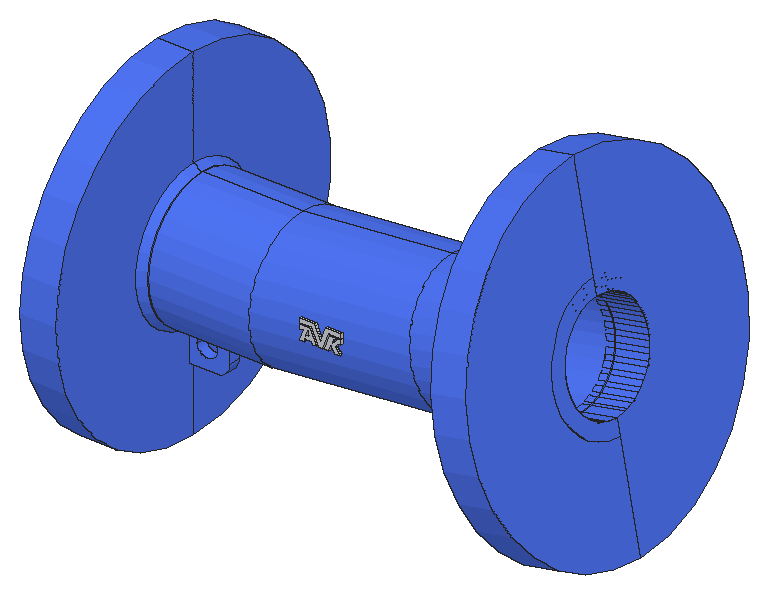
Revit family "712-0120-001-DN50", category Pipe Fittings, Revit 2019
Family settings
  Round Connector Dimension = Use Diameter
  Part Type = Elbow
  Work Plane-Based = No
  Always vertical = Yes
  Cut with Voids When Loaded = No
  Shared = No
Parameters (values of type "DN050_PN10/16")
  Search_Table = ""
  Rf_Dia = 49.5 mm
  RF_Thick = 3 mm
  L_Ref = 50 mm
  L = 109 mm  # constant formula
  ID(Radius) = [Nominal Diameter(DN)] / 2  # 25 mm
  Flange_thickness = 17 mm  # constant formula
  Nominal Diameter(DN) = 50 mm  # constant formula
  FOD = 82.5 mm
  URL product pages = "https://www.avkvalves.com/P.aspx?no=712005001201"
  Description_ = "BEND 11.25° W/LOOSE FLANGES, PN 10/16"
  DN050_PN10/16 = "712-0050-01-201"
  DN050_ PN10/16 = yes
  Body_wallthickness = 15 mm + [Nominal Diameter(DN)]  # 65 mm
  A = 11.25°  # constant formula
Reference planes
  plane 1 "Center (Front/Back)": y = 0
  plane 2: z = 0
  plane 3 "Center (Left/Right)": x = 0
  plane 4: x = 109
  plane 5: through (106.818, -1524, 10.972) normal (0.9808, 0, 0.1951)
  plane 6: through (213.723, -1524, 32.237) normal (0.9808, 0, 0.1951)
  plane 7: through (109, -1524, 0) normal (-0.1951, 0, 0.9808)
  plane 8: through (215.906, -1524, 21.265) normal (-0.9808, 0, -0.1951)
Forms (mm)
  Sweep 1, solid, material "Plastic"
    path origin (0, 0, 0) x (1, 0, 0) y (0, 0, -1)
      loop
        line (0, 0) -> (69.603, 0)
        arc (69.603, 0) -> (108.81, -1.926) -> (147.64, -7.686) r 400
        line (147.64, -7.686) -> (215.906, -21.265)
    profile origin (34.802, 0, 0) x (0, 0, 1) y (0, -1, 0)
      loop
        circle (0, 0) r 25
      loop
        circle (0, 0) r 32.5
  Revolve 2, solid, material "Plastic"
    sketch origin (0, 0, 0) x (1, 0, 0) y (0, 0, -1)
      loop
        line (0, 25) -> (17, 25) -> (17, 82.5) -> (0, 82.5) -> (0, 25)
      axis (0, 0) -> (17, 0)
    angle from 0 to 360
  Revolve 3, solid, material "Plastic"
    sketch origin (0, 0, 0) x (1, 0, 0) y (0, 0, -1)
      loop
        line (220.783, 3.255) -> (232.001, 59.65) -> (215.327, 62.966) -> (204.11, 6.571) -> (220.783, 3.255)
      axis (199.232, -17.948) -> (215.906, -21.265)
    angle from 0 to 360
  Revolve 4, solid, material "Plastic"
    sketch origin (0, 0, 0) x (1, 0, 0) y (0, 0, -1)
      loop
        line (17, 25) -> (21.33, 25) -> (21.33, 32.5) -> (17, 35) -> (17, 25)
      axis (17, 0) -> (21.33, 0)
    angle from 0 to 360
  Revolve 5, solid, material "Plastic"
    sketch origin (0, 0, 0) x (1, 0, 0) y (0, 0, -1)
      loop
        line (204.11, 6.571) -> (206.06, 16.379) -> (201.362, 14.669) -> (199.917, 7.405) -> (204.11, 6.571)
      axis (195.04, -17.114) -> (199.232, -17.948)
    angle from 0 to 360
  Extrusion 6, solid, material "Plastic"
    sketch origin (0, 0, 0) x (1, 0, 0) y (0, 0, 1)
      loop
        line (17, -25) -> (17, -50) -> (31, -50)
        arc (31, -50) -> (35.243, -48.243) -> (37, -44) r 6
        line (37, -44) -> (37, -25) -> (17, -25)
      loop
        circle (26.152, -40.138) r 5
    from -2.691 to 2.691
Dimensions and locks
  "L": plane 4 to plane 3 "Center (Left/Right)"
  "L": plane 5 to plane 6
  "Flange_thickness": Revolve 2 sketch curve to plane 3 "Center (Left/Right)"
  "ID(Radius)": Revolve 3 sketch curve to plane 7
  "FOD": Revolve 3 sketch curve to plane 7
  "Flange_thickness": Sweep 1 to Revolve 3 sketch curve
  locked: Revolve 2 to Revolve 4 sketch curve at 4.33
  locked: Revolve 5 sketch curve to plane 7 at 25
  locked: Revolve 5 sketch curve to plane 7 at 35
  locked: Revolve 5 sketch curve to plane 7 at 32.406
  locked: Revolve 5 sketch curve to Revolve 3 at 4.275
  locked: level to Extrusion 6 sketch curve at 50
  locked: level to Extrusion 6 sketch curve at 25
  locked: Extrusion 6 sketch curve to Revolve 2 at 20
  equal spacing: Extrusion 6, plane 1 "Center (Front/Back)", Extrusion 6
  locked: Extrusion 6 to Extrusion 6 at 5.381
  "L": plane 5 to plane 8
  "ID(Radius)": radius of Sweep 1 sketch curve
  "Body_wallthickness": diameter of Sweep 1 sketch curve
  "A": angle plane 4 to plane 5
  aligned and locked: level to plane 2
  aligned and locked: Sweep 1 sketch curve to plane 3 "Center (Left/Right)"
  aligned and locked: plane 6 to Sweep 1 sketch curve
  aligned and locked: Revolve 2 sketch curve to Sweep 1  (x2)
  aligned and locked: plane 7 to Revolve 3 sketch curve
  aligned and locked: Revolve 4 sketch curve to Revolve 2
  aligned and locked: plane 7 to Revolve 5 sketch curve
  aligned and locked: Revolve 2 to Extrusion 6 sketch curve
  aligned and locked: plane 8 to Revolve 3 sketch curve
Automatic sketch dimensions
  Sweep 1 sketch curve to plane 7 = 0 mm  (x2)
  Sweep 1 sketch curve to Sweep 1 sketch curve = 392.314 mm
  Revolve 4 sketch curve to Revolve 4 sketch curve = 7.5 mm
  Revolve 4 sketch curve to Revolve 4 sketch curve = 2.5 mm
  Revolve 4 sketch curve to plane 3 "Center (Left/Right)" = 12 mm
  Revolve 4 sketch curve to Revolve 4 sketch curve = 15 mm
  Revolve 4 sketch curve to Revolve 4 sketch curve = 25 mm
  Revolve 5 sketch curve to Revolve 5 sketch curve = 4.192 mm
  Revolve 5 sketch curve to Revolve 5 sketch curve = 13.306 mm
  Revolve 5 sketch curve to Revolve 5 sketch curve = 19.616 mm
  Sweep 1 sketch curve to plane 4 = 39.397 mm
  plane 4 to Sweep 1 sketch curve = 38.64 mm
  Revolve 4 sketch curve to level = 0 mm
  Extrusion 6 sketch curve to Extrusion 6 sketch curve = 10.848 mm
  Extrusion 6 sketch curve to Extrusion 6 sketch curve = 6 mm
  Extrusion 6 sketch curve to Extrusion 6 sketch curve = 3.862 mm
  Sweep 1 sketch curve to Sweep 1 sketch curve = 0 mm  (x2)
  Sweep 1 sketch curve to plane 1 "Center (Front/Back)" = 0 mm
  profile plane to Sweep 1 sketch curve = 0 mm
  Revolve 2 sketch curve to level = 0 mm
  level to Revolve 2 sketch curve = 25 mm
  Revolve 2 sketch curve to Revolve 2 sketch curve = 57.5 mm
  Revolve 2 sketch curve to plane 3 "Center (Left/Right)" = 15 mm
  Revolve 3 sketch curve to plane 6 = 0 mm
  Revolve 3 sketch curve to level = 17.948 mm
  radius of Extrusion 6 sketch curve = 5 mm
Nested families
  nested 1: "Latest New 2" at (105.083, -32.491, 0.809) x (1, 0.0021, 0) z (0.0021, -0.9997, -0.0234), type "Latest New 2"
Connectors
  piping at (0, 0, 0), diameter 50, driven by "Nominal Diameter(DN)"
    settings: on Revolve 2, index 1, connector inside diameter 609.6 mm, connector length 0 mm, flow factor 0, pipe flow 0.0 L/s, pressure drop 0.0 Pa, fitting loss kfactor 0, connector angle 0.00°, fixture units 0, engagement length 0 mm, angle of deflection 0.00°, flow configuration 0, flow direction 0, fitting loss method 0, system type 7, joint type 0, gender type 0, connector reference index -1, connector utility 0, adjustable connector no, is connector primary yes, connector description ""
  piping at (215.906, 0, 21.265), diameter 50, driven by "Nominal Diameter(DN)"
    settings: on Revolve 3, index 2, connector inside diameter 609.6 mm, connector length 0 mm, flow factor 0, pipe flow 0.0 L/s, pressure drop 0.0 Pa, fitting loss kfactor 0, connector angle 0.00°, fixture units 0, engagement length 0 mm, angle of deflection 0.00°, flow configuration 0, flow direction 0, fitting loss method 0, system type 7, joint type 0, gender type 0, connector reference index -1, connector utility 0, adjustable connector no, is connector primary no, connector description ""
Definition of nested family "Latest New 2"
  Parameters
    Default Elevation = 1219.2 mm
  Reference planes
    plane 1 "Center (Front/Back)": y = 0
    plane 2: z = 0
    plane 3 "Center (Left/Right)": x = 0
  Forms (mm)
    Extrusion 1, solid
      sketch origin (0, 0, 0) x (1, 0, 0) y (0, 1, 0)
        loop
          line (-1219.2, 1219.2) -> (-1219.2, -1219.2) -> (1219.2, -1219.2) -> (1219.2, 1219.2) -> (-1219.2, 1219.2)
      from 0 to -304.8
    Extrusion 2, solid
      sketch origin (0, 0, 0) x (1, 0, 0) y (0, 1, 0)
        loop
          line (-2.683, 9.413) -> (-9.884, 9.413) -> (-9.884, 7.46) -> (-4.022, 7.46) -> (-0.985, 0) -> (0.985, 0) -> (4.022, 7.46) -> (9.884, 7.46) -> (9.884, 9.413) -> (2.683, 9.413) -> (0, 2.824) -> (-2.683, 9.413)
        loop
          line (-4.528, 6.707) -> (-9.884, 6.707) -> (-9.884, 4.824) -> (-8.032, 4.824) -> (-9.884, 0) -> (-7.792, 0) -> (-7.394, 1.035) -> (-4.328, 1.035) -> (-3.907, 0) -> (-1.798, 0) -> (-4.528, 6.707)
        loop
          line (-6.91, 2.824) -> (-5.056, 2.824) -> (-6.01, 5.167) -> (-6.91, 2.824)
        loop
          line (1.798, 0) -> (3.907, 0) -> (4.98, 2.637) -> (6.968, 0) -> (9.413, 0) -> (7.166, 2.983)
          arc (7.166, 2.983) -> (8.216, 3.774) -> (9.007, 4.824) r 4.724
          line (9.007, 4.824) -> (9.884, 4.824) -> (9.884, 6.707) -> (8.001, 6.707)
          arc (8.001, 6.707) -> (7.315, 5.008) -> (5.642, 4.261) r 2.448
          line (5.642, 4.261) -> (6.637, 6.707) -> (4.528, 6.707) -> (1.798, 0)
      from 0 to 1
  Dimensions and locks
    aligned and locked: plane 2 to Extrusion 1
    aligned and locked: level to Extrusion 1
    aligned and locked: Extrusion 2 sketch curve to import instance  (x30)
